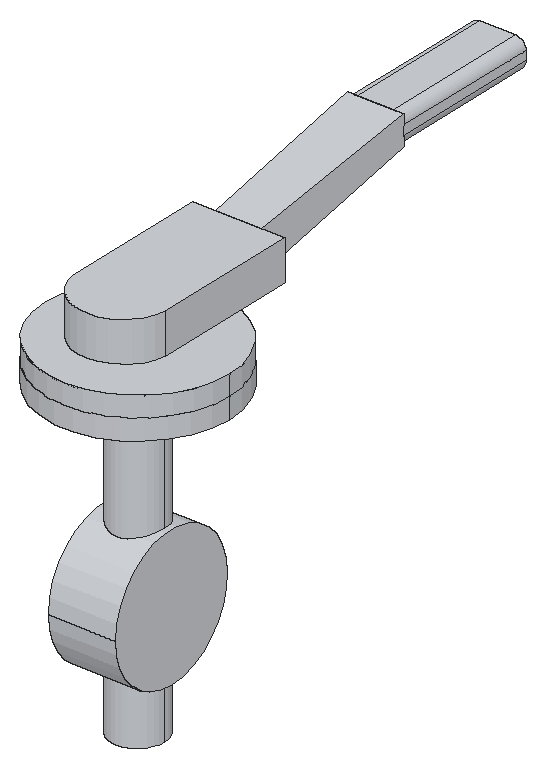
Revit family "HS497-68_disk-nerez_s pákou DN032-RFA_2019", category Pipe Accessories, Revit 2019
Family settings
  Round Connector Dimension = Use Diameter
  Part Type = Valve - Breaks Into
  Work Plane-Based = No
  Always vertical = Yes
  Cut with Voids When Loaded = No
  Shared = No
Parameters (values of type "HS 497-68_DN032_PN16_s pákou")
  magiProductId = "9ad8088d610749a1b871aa2aad8007"
  magiProductFamilyId = "53cea81e6f374d17b8841d9c72ad77"
  magiPartTypeId = 305
  isMeasuringValve [instance] = no
  ang2D [instance] = 0.00°
  X11 = 61.456 mm
  X1 = 25.456 mm
  W2D = 1000 mm
  VersionID = "2.0/2017.9.26.1/ZETKAMA_497_001"
  Use Minimum Symbol Size [instance] = yes
  URL = "http://www.hydronic.cz"
  Type Comments = "mezipřírubová; nerezový disk; PN16; -10~+110°C (krátkodobě +120°C)"
  SW30 = no
  SW3 = no
  SW21 = no
  SW20 = yes
  SW2 = yes
  SW1 = no
  R = 16 mm
  QmdConnectorList = "301;D;302;D"
  Productdata [instance] = ""
  NC = 50 mm
  Manufacturer = "Hydronic Systems Prague s.r.o."
  MM20 = 25.456 mm
  MC Product Code = "121 032 (nerezový disk, s pákou; DN32; PN16, kvs78)"
  M41 = 66 mm
  M4 = 44 mm
  LHL = 220 mm
  LHH3 = 2.45 mm
  LHH1 = 46.55 mm
  LH1 = 73.333 mm
  L4R__ve = -L4R  # -12.8 mm
  L4R = 12.8 mm
  L42__ve = -L42  # -96 mm
  L42 = 96 mm
  L41__ve = -L41  # -19.2 mm
  L41 = 19.2 mm
  L2D_Min = 3048 mm
  L2D = 216 mm
  L2 = 16.5 mm
  L1 = 26.4 mm
  L = 33 mm
  H = 30 mm
  G22 = 11.25 mm
  G2 = 22.5 mm
  G1 = 90 mm
  G = 90 mm
  F = 11 mm
  E44 = 31.25 mm
  E42 = 62.5 mm
  E4 = 125 mm
  E23 = 4.9 mm
  E22 = 19.6 mm
  E21 = 9.8 mm
  Description = "Mezipřírubová uzavírací klapka s pákou; nerezový disk, DN32; PN16; kvs78"
  DR2 = 16 mm
  DR = 68 mm
  DD1 = 15.625 mm
  DD = 12.5 mm
  D = 32 mm
  CAT0 = yes
  B2__ve = -B2  # -44.2 mm
  B2 = 44.2 mm
  A2 = 10.25 mm
  A1 = 76.25 mm
Types (43, lengths in mm): name | magiProductId | X11 | X1 | Type Comments | SW30 | SW3 | SW20 | SW2 | SW1 | R | NC | Manufacturer | MM20 | MC Product Code | M41 | M4 | LHL | LHH3 | LHH1 | LH1 | L4R__ve | L4R | L42__ve | L42 | L41__ve | L41 | L2 | L1 | L | H | G | F | E44 | E42 | E4 | E23 | E22 | E21 | Description | DR2 | DR | DD1 | DD | D | B2__ve | B2 | A2 | A1
  HS 497-68_DN100_PN16_volné vřeteno | "65d1b245f4f142c78569c0602d5754" | 61.456 | 25.456 | "mezipřírubová; nerezový disk; PN16; -10~+110°C (krátkodobě +120°C)" | no | no | no | no | yes | 50 | 50 | "Hydronic Systems Prague s.r.o." | 25.456 | "124 100 (nerezový disk, s volným vřetenem; DN100; PN16, kvs512)" | 66 | 44 | 220 | 2.45 | 46.55 | 73.333 | -12.8 | 12.8 | -96 | 96 | -19.2 | 19.2 | 26 | 41.6 | 52 | 30 | 90 | 11 | 31.25 | 62.5 | 125 | 4.9 | 19.6 | 9.8 | "Mezipřírubová uzavírací klapka s volným vřetenem; nerezový disk, DN100; PN16; kvs512" | 50 | 147 | 15.625 | 12.5 | 100 | -56 | 56 | 16.5 | 98.5
  HS 497-68_DN100_PN16_převodové kolo | "11e91b807e674d428c8e796fcdcfe2" | 61.456 | 25.456 | "mezipřírubová; nerezový disk; PN16; -10~+110°C (krátkodobě +120°C)" | yes | yes | no | no | no | 50 | 50 | "Hydronic Systems Prague s.r.o." | 25.456 | "126 100 (nerezový disk, s převodovým kolem; DN100; PN16, kvs512)" | 65.25 | 43.5 | 220 | 2.45 | 46.55 | 73.333 | -12.8 | 12.8 | -96 | 96 | -19.2 | 19.2 | 26 | 41.6 | 52 | 30 | 90 | 11 | 31.25 | 62.5 | 125 | 4.9 | 19.6 | 9.8 | "Mezipřírubová uzavírací klapka s převodovým kolem; nerezový disk, DN100; PN16; kvs512" | 50 | 147 | 15.625 | 12.5 | 100 | -56 | 56 | 16.5 | 98.5
  HS 497-68_DN100_PN16_s pákou | "28172f0b3f4b47b28323ac71cf8749" | 61.456 | 25.456 | "mezipřírubová; nerezový disk; PN16; -10~+110°C (krátkodobě +120°C)" | no | no | yes | yes | no | 50 | 50 | "Hydronic Systems Prague s.r.o." | 25.456 | "121 100 (nerezový disk, s pákou; DN100; PN16, kvs512)" | 66 | 44 | 260 | 3 | 57 | 86.667 | -12.8 | 12.8 | -96 | 96 | -19.2 | 19.2 | 26 | 41.6 | 52 | 30 | 90 | 11 | 31.25 | 62.5 | 125 | 6 | 24 | 12 | "Mezipřírubová uzavírací klapka s pákou; nerezový disk, DN100; PN16; kvs512" | 50 | 147 | 15.625 | 12.5 | 100 | -56 | 56 | 16.5 | 98.5
  HS 497-68_DN125_PN16_volné vřeteno | "0d813d910fc14f628bb3c2efbd185c" | 61.456 | 25.456 | "mezipřírubová; nerezový disk; PN16; -10~+110°C (krátkodobě +120°C)" | no | no | no | no | yes | 62.5 | 50 | "Hydronic Systems Prague s.r.o." | 25.456 | "124 125 (nerezový disk, s volným vřetenem; DN125; PN16, kvs872)" | 66 | 44 | 220 | 2.45 | 46.55 | 73.333 | -12.8 | 12.8 | -96 | 96 | -19.2 | 19.2 | 28 | 44.8 | 56 | 33 | 90 | 14 | 31.25 | 62.5 | 125 | 4.9 | 19.6 | 9.8 | "Mezipřírubová uzavírací klapka s volným vřetenem; nerezový disk, DN125; PN16; kvs872" | 62.5 | 180 | 15.625 | 12.5 | 125 | -64 | 64 | 18 | 99.5
  HS 497-68_DN125_PN16_převodové kolo | "c56b7c13f372467684996fb1e0e229" | 61.456 | 25.456 | "mezipřírubová; nerezový disk; PN16; -10~+110°C (krátkodobě +120°C)" | yes | yes | no | no | no | 62.5 | 50 | "Hydronic Systems Prague s.r.o." | 25.456 | "126125 (nerezový disk, s převodovým kolem; DN125; PN16, kvs872)" | 65.25 | 43.5 | 220 | 2.45 | 46.55 | 73.333 | -13.5 | 13.5 | -101.25 | 101.25 | -20.25 | 20.25 | 28 | 44.8 | 56 | 33 | 90 | 14 | 40 | 80 | 160 | 4.9 | 19.6 | 9.8 | "Mezipřírubová uzavírací klapka s převodovým kolem; nerezový disk, DN125; PN16; kvs872" | 62.5 | 180 | 20 | 16 | 125 | -64 | 64 | 18 | 99.5
  HS 497-68_DN125_PN16_s pákou | "105993c79a91492399feef7931321a" | 61.456 | 25.456 | "mezipřírubová; nerezový disk; PN16; -10~+110°C (krátkodobě +120°C)" | no | no | yes | yes | no | 62.5 | 50 | "Hydronic Systems Prague s.r.o." | 25.456 | "121 125 (nerezový disk, s pákou; DN125; PN16, kvs872)" | 66 | 44 | 315 | 3.75 | 71.25 | 105 | -12.8 | 12.8 | -96 | 96 | -19.2 | 19.2 | 28 | 44.8 | 56 | 33 | 90 | 14 | 31.25 | 62.5 | 125 | 7.5 | 30 | 15 | "Mezipřírubová uzavírací klapka s pákou; nerezový disk, DN125; PN16; kvs872" | 62.5 | 180 | 15.625 | 12.5 | 125 | -64 | 64 | 18 | 99.5
  HS 497-68_DN150_PN16_volné vřeteno | "50c80cb8ab434f55ab7796e5ac1331" | 61.456 | 25.456 | "mezipřírubová; nerezový disk; PN16; -10~+110°C (krátkodobě +120°C)" | no | no | no | no | yes | 75 | 50 | "Hydronic Systems Prague s.r.o." | 25.456 | "124 150 (nerezový disk, s volným vřetenem; DN150; PN16, kvs1347)" | 66 | 44 | 220 | 2.45 | 46.55 | 73.333 | -12.8 | 12.8 | -96 | 96 | -19.2 | 19.2 | 28 | 44.8 | 56 | 33 | 90 | 14 | 31.25 | 62.5 | 125 | 4.9 | 19.6 | 9.8 | "Mezipřírubová uzavírací klapka s volným vřetenem; nerezový disk, DN150; PN16; kvs1347" | 75 | 206 | 15.625 | 12.5 | 150 | -58 | 58 | 19.3 | 98.7
  HS 497-68_DN150_PN16_převodové kolo | "d94a1a0cf83b476eb10011b327f709" | 61.456 | 25.456 | "mezipřírubová; nerezový disk; PN16; -10~+110°C (krátkodobě +120°C)" | yes | yes | no | no | no | 75 | 50 | "Hydronic Systems Prague s.r.o." | 25.456 | "126 150 (nerezový disk, s převodovým kolem; DN150; PN16, kvs1347)" | 65.25 | 43.5 | 220 | 2.45 | 46.55 | 73.333 | -13.5 | 13.5 | -101.25 | 101.25 | -20.25 | 20.25 | 28 | 44.8 | 56 | 33 | 90 | 14 | 40 | 80 | 160 | 4.9 | 19.6 | 9.8 | "Mezipřírubová uzavírací klapka s převodovým kolem; nerezový disk, DN150; PN16; kvs1347" | 75 | 206 | 20 | 16 | 150 | -58 | 58 | 19.3 | 98.7
  HS 497-68_DN150_PN16_s pákou | "4d2835523fe84828bc50ff0a5a0dfb" | 61.456 | 25.456 | "mezipřírubová; nerezový disk; PN16; -10~+110°C (krátkodobě +120°C)" | no | no | yes | yes | no | 75 | 50 | "Hydronic Systems Prague s.r.o." | 25.456 | "121 150 (nerezový disk, s pákou; DN150; PN16, kvs1347)" | 66 | 44 | 315 | 3.75 | 71.25 | 105 | -12.8 | 12.8 | -96 | 96 | -19.2 | 19.2 | 28 | 44.8 | 56 | 33 | 90 | 14 | 31.25 | 62.5 | 125 | 7.5 | 30 | 15 | "Mezipřírubová uzavírací klapka s pákou; nerezový disk, DN150; PN16; kvs1347" | 75 | 206 | 15.625 | 12.5 | 150 | -58 | 58 | 19.3 | 98.7
  HS 497-68_DN200_PN16_volné vřeteno | "5b29029eaeba47139ee1055a4b9201" | 61.456 | 25.456 | "mezipřírubová; nerezový disk; PN16; -10~+110°C (krátkodobě +120°C)" | no | no | no | no | yes | 100 | 50 | "Hydronic Systems Prague s.r.o." | 25.456 | "124 200 (nerezový disk, s volným vřetenem; DN200; PN16, kvs2675)" | 66 | 44 | 220 | 2.45 | 46.55 | 73.333 | -12.8 | 12.8 | -96 | 96 | -19.2 | 19.2 | 30 | 48 | 60 | 33 | 90 | 17 | 31.25 | 62.5 | 125 | 4.9 | 19.6 | 9.8 | "Mezipřírubová uzavírací klapka s volným vřetenem; nerezový disk, DN200; PN16; kvs2675" | 100 | 257 | 15.625 | 12.5 | 200 | -70 | 70 | 22.5 | 102.5
  HS 497-68_DN200_PN16_převodové kolo | "b2793cc1fcc44cf2a35062cd67c04f" | 61.456 | 25.456 | "mezipřírubová; nerezový disk; PN16; -10~+110°C (krátkodobě +120°C)" | yes | yes | no | no | no | 100 | 57 | "Hydronic Systems Prague s.r.o." | 25.456 | "126 200 (nerezový disk, s převodovým kolem; DN200; PN16, kvs2675)" | 78.75 | 52.5 | 220 | 2.45 | 46.55 | 73.333 | -15.2 | 15.2 | -114 | 114 | -22.8 | 22.8 | 30 | 48 | 60 | 33 | 90 | 17 | 50 | 100 | 200 | 4.9 | 19.6 | 9.8 | "Mezipřírubová uzavírací klapka s převodovým kolem; nerezový disk, DN200; PN16; kvs2675" | 100 | 257 | 25 | 20 | 200 | -70 | 70 | 22.5 | 102.5
  HS 497-68_DN200_PN16_s pákou | "f88d96c7af224537a51e72d7d8fffe" | 61.456 | 25.456 | "mezipřírubová; nerezový disk; PN16; -10~+110°C (krátkodobě +120°C)" | no | no | yes | yes | no | 100 | 50 | "Hydronic Systems Prague s.r.o." | 25.456 | "121 200 (nerezový disk, s pákou; DN200; PN16, kvs2675)" | 66 | 44 | 315 | 3.75 | 71.25 | 105 | -12.8 | 12.8 | -96 | 96 | -19.2 | 19.2 | 30 | 48 | 60 | 33 | 90 | 17 | 31.25 | 62.5 | 125 | 7.5 | 30 | 15 | "Mezipřírubová uzavírací klapka s pákou; nerezový disk, DN200; PN16; kvs2675" | 100 | 257 | 15.625 | 12.5 | 200 | -70 | 70 | 22.5 | 102.5
  HS 497-68_DN250_PN16_volné vřeteno | "b662e8305ca2402b9c510e66e6aa55" | 88.77 | 36.77 | "mezipřírubová; nerezový disk; PN16; -10~+110°C (krátkodobě +120°C)" | no | no | no | no | yes | 125 | 50 | "Hydronic Systems Prague s.r.o." | 36.77 | "124 250 (nerezový disk, s volným vřetenem; DN250; PN16, kvs4555)" | 66 | 44 | 220 | 2.45 | 46.55 | 73.333 | -12.8 | 12.8 | -96 | 96 | -19.2 | 19.2 | 34 | 54.4 | 68 | 23 | 130 | 22 | 31.25 | 62.5 | 125 | 4.9 | 19.6 | 9.8 | "Mezipřírubová uzavírací klapka s volným vřetenem; nerezový disk, DN250; PN16; kvs4555" | 125 | 324 | 15.625 | 12.5 | 250 | -85 | 85 | 28.25 | 129.25
  HS 497-68_DN250_PN16_převodové kolo | "5ee9016806664ddfaa2632711f295c" | 88.77 | 36.77 | "mezipřírubová; nerezový disk; PN16; -10~+110°C (krátkodobě +120°C)" | yes | yes | no | no | no | 125 | 70 | "Hydronic Systems Prague s.r.o." | 36.77 | "126 250 (nerezový disk, s převodovým kolem; DN250; PN16, kvs4555)" | 91.5 | 61 | 220 | 2.45 | 46.55 | 73.333 | -22.2 | 22.2 | -166.5 | 166.5 | -33.3 | 33.3 | 34 | 54.4 | 68 | 23 | 130 | 22 | 62.5 | 125 | 250 | 4.9 | 19.6 | 9.8 | "Mezipřírubová uzavírací klapka s převodovým kolem; nerezový disk, DN250; PN16; kvs4555" | 125 | 324 | 31.25 | 25 | 250 | -85 | 85 | 28.25 | 129.25
  HS 497-68_DN300_PN16_volné vřeteno | "e1886f51ff004380a649519258edf2" | 88.77 | 36.77 | "mezipřírubová; nerezový disk; PN16; -10~+110°C (krátkodobě +120°C)" | no | no | no | no | yes | 150 | 50 | "Hydronic Systems Prague s.r.o." | 36.77 | "124 300 (nerezový disk, s volným vřetenem; DN300; PN16, kvs7037)" | 66 | 44 | 220 | 2.45 | 46.55 | 73.333 | -12.8 | 12.8 | -96 | 96 | -19.2 | 19.2 | 39 | 62.4 | 78 | 23 | 130 | 22 | 31.25 | 62.5 | 125 | 4.9 | 19.6 | 9.8 | "Mezipřírubová uzavírací klapka s volným vřetenem; nerezový disk, DN300; PN16; kvs7037" | 150 | 376 | 15.625 | 12.5 | 300 | -90 | 90 | 30.8 | 127.2
  HS 497-68_DN300_PN16_převodové kolo | "6860f094f77d42088fbebc3c97f755" | 88.77 | 36.77 | "mezipřírubová; nerezový disk; PN16; -10~+110°C (krátkodobě +120°C)" | yes | yes | no | no | no | 150 | 70 | "Hydronic Systems Prague s.r.o." | 36.77 | "126 300 (nerezový disk, s převodovým kolem; DN300; PN16, kvs7037)" | 91.5 | 61 | 220 | 2.45 | 46.55 | 73.333 | -22.2 | 22.2 | -166.5 | 166.5 | -33.3 | 33.3 | 39 | 62.4 | 78 | 23 | 130 | 22 | 62.5 | 125 | 250 | 4.9 | 19.6 | 9.8 | "Mezipřírubová uzavírací klapka s převodovým kolem; nerezový disk, DN300; PN16; kvs7037" | 150 | 376 | 31.25 | 25 | 300 | -90 | 90 | 30.8 | 127.2
  HS 497-68_DN032_PN16_volné vřeteno | "8c5f65de52aa4067a77564107e31b2" | 61.456 | 25.456 | "mezipřírubová; nerezový disk; PN16; -10~+110°C (krátkodobě +120°C)" | no | no | no | no | yes | 16 | 50 | "Hydronic Systems Prague s.r.o." | 25.456 | "124 032 (nerezový disk, s volným vřetenem; DN32; PN16, kvs78)" | 66 | 44 | 220 | 2.45 | 46.55 | 73.333 | -12.8 | 12.8 | -96 | 96 | -19.2 | 19.2 | 16.5 | 26.4 | 33 | 30 | 90 | 11 | 31.25 | 62.5 | 125 | 4.9 | 19.6 | 9.8 | "Mezipřírubová uzavírací klapka s volným vřetenem; nerezový disk, DN32; PN16; kvs78" | 16 | 68 | 15.625 | 12.5 | 32 | -44.2 | 44.2 | 10.25 | 76.25
  HS 497-68_DN032_PN16_převodové kolo | "60aaeffa8b3a4e809ef000e4660060" | 61.456 | 25.456 | "mezipřírubová; nerezový disk; PN16; -10~+110°C (krátkodobě +120°C)" | yes | yes | no | no | no | 16 | 50 | "Hydronic Systems Prague s.r.o." | 25.456 | "126 032 (nerezový disk, s převodovým kolem; DN32; PN16, kvs78)" | 65.25 | 43.5 | 220 | 2.45 | 46.55 | 73.333 | -12.8 | 12.8 | -96 | 96 | -19.2 | 19.2 | 16.5 | 26.4 | 33 | 30 | 90 | 11 | 31.25 | 62.5 | 125 | 4.9 | 19.6 | 9.8 | "Mezipřírubová uzavírací klapka s převodovým kolem; nerezový disk, DN32; PN16; kvs78" | 16 | 68 | 15.625 | 12.5 | 32 | -44.2 | 44.2 | 10.25 | 76.25
  HS 497-68_DN032_PN16_s pákou | "9ad8088d610749a1b871aa2aad8007" | 61.456 | 25.456 | "mezipřírubová; nerezový disk; PN16; -10~+110°C (krátkodobě +120°C)" | no | no | yes | yes | no | 16 | 50 | "Hydronic Systems Prague s.r.o." | 25.456 | "121 032 (nerezový disk, s pákou; DN32; PN16, kvs78)" | 66 | 44 | 220 | 2.45 | 46.55 | 73.333 | -12.8 | 12.8 | -96 | 96 | -19.2 | 19.2 | 16.5 | 26.4 | 33 | 30 | 90 | 11 | 31.25 | 62.5 | 125 | 4.9 | 19.6 | 9.8 | "Mezipřírubová uzavírací klapka s pákou; nerezový disk, DN32; PN16; kvs78" | 16 | 68 | 15.625 | 12.5 | 32 | -44.2 | 44.2 | 10.25 | 76.25
  HS 497-68_DN350_PN10_volné vřeteno | "72a1e05f22944421b7e9596a877137" | 109.255 | 45.255 | "mezipřírubová; nerezový disk; PN10; -10~+110°C (krátkodobě +120°C)" | no | no | no | no | yes | 175 | 50 | "Hydronic Systems Prague s.r.o." | 45.255 | "124 350 (nerezový disk, s volným vřetenem; DN350; PN10, kvs10165)" | 66 | 44 | 220 | 2.45 | 46.55 | 73.333 | -12.8 | 12.8 | -96 | 96 | -19.2 | 19.2 | 39 | 62.4 | 78 | 31 | 160 | 22 | 31.25 | 62.5 | 125 | 4.9 | 19.6 | 9.8 | "Mezipřírubová uzavírací klapka s volným vřetenem; nerezový disk, DN350; PN10; kvs10165" | 175 | 430 | 15.625 | 12.5 | 350 | -88 | 88 | 33.85 | 129.65
  HS 497-68_DN350_PN10_převodové kolo | "a5a01426cb28494ba3afca92f1dace" | 109.255 | 45.255 | "mezipřírubová; nerezový disk; PN10; -10~+110°C (krátkodobě +120°C)" | yes | yes | no | no | no | 175 | 70 | "Hydronic Systems Prague s.r.o." | 45.255 | "126 350 (nerezový disk, s převodovým kolem; DN350; PN10, kvs10165)" | 91.5 | 61 | 220 | 2.45 | 46.55 | 73.333 | -22.2 | 22.2 | -166.5 | 166.5 | -33.3 | 33.3 | 39 | 62.4 | 78 | 31 | 160 | 22 | 62.5 | 125 | 250 | 4.9 | 19.6 | 9.8 | "Mezipřírubová uzavírací klapka s převodovým kolem; nerezový disk, DN350; PN10; kvs10165" | 175 | 430 | 31.25 | 25 | 350 | -88 | 88 | 33.85 | 129.65
  HS 497-68_DN400_PN10_volné vřeteno | "c70ebeb927c04ab99b176e257ad0a7" | 109.255 | 45.255 | "mezipřírubová; nerezový disk; PN10; -10~+110°C (krátkodobě +120°C)" | no | no | no | no | yes | 200 | 50 | "Hydronic Systems Prague s.r.o." | 45.255 | "124 400 (nerezový disk, s volným vřetenem; DN400; PN10, kvs13799)" | 66 | 44 | 220 | 2.45 | 46.55 | 73.333 | -12.8 | 12.8 | -96 | 96 | -19.2 | 19.2 | 51 | 81.6 | 102 | 31 | 160 | 27 | 31.25 | 62.5 | 125 | 4.9 | 19.6 | 9.8 | "Mezipřírubová uzavírací klapka s volným vřetenem; nerezový disk, DN400; PN10; kvs13799" | 200 | 485 | 15.625 | 12.5 | 400 | -108 | 108 | 38 | 142
  HS 497-68_DN400_PN10_převodové kolo | "cc64a4384dcb41b780d81810f4f293" | 109.255 | 45.255 | "mezipřírubová; nerezový disk; PN10; -10~+110°C (krátkodobě +120°C)" | yes | yes | no | no | no | 200 | 72.5 | "Hydronic Systems Prague s.r.o." | 45.255 | "126 400 (nerezový disk, s převodovým kolem; DN400; PN10, kvs13799)" | 103.5 | 69 | 220 | 2.45 | 46.55 | 73.333 | -27.8 | 27.8 | -208.5 | 208.5 | -41.7 | 41.7 | 51 | 81.6 | 102 | 31 | 160 | 27 | 75 | 150 | 300 | 4.9 | 19.6 | 9.8 | "Mezipřírubová uzavírací klapka s převodovým kolem; nerezový disk, DN400; PN10; kvs13799" | 200 | 485 | 37.5 | 30 | 400 | -108 | 108 | 38 | 142
  HS 497-68_DN040_PN16_volné vřeteno | "35f92312390745e88df5b5c325d9ee" | 61.456 | 25.456 | "mezipřírubová; nerezový disk; PN16; -10~+110°C (krátkodobě +120°C)" | no | no | no | no | yes | 20 | 50 | "Hydronic Systems Prague s.r.o." | 25.456 | "124 040 (nerezový disk, s volným vřetenem; DN40; PN16, kvs78)" | 66 | 44 | 220 | 2.45 | 46.55 | 73.333 | -12.8 | 12.8 | -96 | 96 | -19.2 | 19.2 | 16.5 | 26.4 | 33 | 30 | 90 | 11 | 31.25 | 62.5 | 125 | 4.9 | 19.6 | 9.8 | "Mezipřírubová uzavírací klapka s volným vřetenem; nerezový disk, DN40; PN16; kvs78" | 20 | 76 | 15.625 | 12.5 | 40 | -36 | 36 | 11 | 79
  HS 497-68_DN040_PN16_převodové kolo | "d88e968eae3445bc9b7b4e6ff35127" | 61.456 | 25.456 | "mezipřírubová; nerezový disk; PN16; -10~+110°C (krátkodobě +120°C)" | yes | yes | no | no | no | 20 | 50 | "Hydronic Systems Prague s.r.o." | 25.456 | "126 040 (nerezový disk, s převodovým kolem; DN40; PN16, kvs78)" | 65.25 | 43.5 | 220 | 2.45 | 46.55 | 73.333 | -12.8 | 12.8 | -96 | 96 | -19.2 | 19.2 | 16.5 | 26.4 | 33 | 30 | 90 | 11 | 31.25 | 62.5 | 125 | 4.9 | 19.6 | 9.8 | "Mezipřírubová uzavírací klapka s převodovým kolem; nerezový disk, DN40; PN16; kvs78" | 20 | 76 | 15.625 | 12.5 | 40 | -36 | 36 | 11 | 79
  HS 497-68_DN040_PN16_s pákou | "c1b522ca65b4407a98818f232eaacb" | 61.456 | 25.456 | "mezipřírubová; nerezový disk; PN16; -10~+110°C (krátkodobě +120°C)" | no | no | yes | yes | no | 20 | 50 | "Hydronic Systems Prague s.r.o." | 25.456 | "121 040 (nerezový disk, s pákou; DN40; PN16, kvs78)" | 66 | 44 | 220 | 2.45 | 46.55 | 73.333 | -12.8 | 12.8 | -96 | 96 | -19.2 | 19.2 | 16.5 | 26.4 | 33 | 30 | 90 | 11 | 31.25 | 62.5 | 125 | 4.9 | 19.6 | 9.8 | "Mezipřírubová uzavírací klapka s pákou; nerezový disk, DN40; PN16; kvs78" | 20 | 76 | 15.625 | 12.5 | 40 | -36 | 36 | 11 | 79
  HS 497-68_DN450_PN10_volné vřeteno | "a8358bc282f14872b3194e530e590a" | 129.74 | 53.74 | "mezipřírubová; nerezový disk; PN10; -10~+110°C (krátkodobě +120°C)" | no | no | no | no | yes | 225 | 50 | "Hydronic Systems Prague s.r.o." | 53.74 | "124 450 (nerezový disk, s volným vřetenem; DN450; PN10, kvs18514)" | 66 | 44 | 220 | 2.45 | 46.55 | 73.333 | -12.8 | 12.8 | -96 | 96 | -19.2 | 19.2 | 57 | 91.2 | 114 | 38 | 190 | 36 | 31.25 | 62.5 | 125 | 4.9 | 19.6 | 9.8 | "Mezipřírubová uzavírací klapka s volným vřetenem; nerezový, DN450; PN10; kvs18514" | 225 | 536 | 15.625 | 12.5 | 450 | -115 | 115 | 38.05 | 117.45
  HS 497-68_DN450_PN10_převodové kolo | "cdf2d80f54a9414f9cbe50647c0ebd" | 129.74 | 53.74 | "mezipřírubová; nerezový disk; PN10; -10~+110°C (krátkodobě +120°C)" | yes | yes | no | no | no | 225 | 91.5 | "Zetkama" | 53.74 | "126 450 (nerezový disk, s převodovým kolem; DN450; PN10, kvs18514)" | 144.75 | 96.5 | 220 | 2.45 | 46.55 | 73.333 | -32.1 | 32.1 | -240.75 | 240.75 | -48.15 | 48.15 | 57 | 91.2 | 114 | 38 | 190 | 36 | 100 | 200 | 400 | 4.9 | 19.6 | 9.8 | "Mezipřírubová uzavírací klapka s převodovým kolem; nerezový disk, DN450; PN10; kvs18514" | 225 | 536 | 50 | 40 | 450 | -115 | 115 | 38.05 | 117.45
  HS 497-68_DN500_PN10_volné vřeteno | "8c396e27bb2743f98f3c762b6517cd" | 143.397 | 59.397 | "mezipřírubová; nerezový disk; PN10; -10~+110°C (krátkodobě +120°C)" | no | no | no | no | yes | 250 | 50 | "Hydronic Systems Prague s.r.o." | 59.397 | "124 500 (nerezový disk, s volným vřetenem; DN500; PN10, kvs23805)" | 66 | 44 | 220 | 2.45 | 46.55 | 73.333 | -12.8 | 12.8 | -96 | 96 | -19.2 | 19.2 | 63.5 | 101.6 | 127 | 38 | 210 | 36 | 31.25 | 62.5 | 125 | 4.9 | 19.6 | 9.8 | "Mezipřírubová uzavírací klapka s volným vřetenem; nerezový disk, DN500; PN10; kvs23805" | 250 | 593 | 15.625 | 12.5 | 500 | -130 | 130 | 43.25 | 139.25
  HS 497-68_DN500_PN10_převodové kolo | "7647804f32e94cef828a7034a91a46" | 143.397 | 59.397 | "mezipřírubová; nerezový disk; PN10; -10~+110°C (krátkodobě +120°C)" | yes | yes | no | no | no | 250 | 91.5 | "Zetkama" | 59.397 | "126 500 (nerezový disk, s převodovým kolem; DN500; PN10, kvs23805)" | 144.75 | 96.5 | 220 | 2.45 | 46.55 | 73.333 | -32.1 | 32.1 | -240.75 | 240.75 | -48.15 | 48.15 | 63.5 | 101.6 | 127 | 38 | 210 | 36 | 100 | 200 | 400 | 4.9 | 19.6 | 9.8 | "Mezipřírubová uzavírací klapka s převodovým kolem; nerezový disk, DN500; PN10; kvs23805" | 250 | 593 | 50 | 40 | 500 | -130 | 130 | 43.25 | 139.25
  HS 497-68_DN050_volné vřeteno | "d71f296ecd6d4adf8f6e5d9853b4e0" | 61.456 | 25.456 | "mezipřírubová; nerezový disk; PN16; -10~+110°C (krátkodobě +120°C)" | no | no | no | no | yes | 25 | 50 | "Hydronic Systems Prague s.r.o." | 25.456 | "124 050 (nerezový disk, s volným vřetenem; DN50; PN16, kvs98)" | 66 | 44 | 220 | 2.45 | 46.55 | 73.333 | -12.8 | 12.8 | -96 | 96 | -19.2 | 19.2 | 21.5 | 34.4 | 43 | 30 | 90 | 11 | 31.25 | 62.5 | 125 | 4.9 | 19.6 | 9.8 | "Mezipřírubová uzavírací klapka s volným vřetenem; nerezový disk, DN50; PN16; kvs98" | 25 | 100 | 15.625 | 12.5 | 50 | -36.5 | 36.5 | 12 | 83
  HS 497-68_DN050_PN16_převodové kolo | "2fb080deeaed49c58418b94c1da5a4" | 61.456 | 25.456 | "mezipřírubová; nerezový disk; PN16; -10~+110°C (krátkodobě +120°C)" | yes | yes | no | no | no | 25 | 50 | "Hydronic Systems Prague s.r.o." | 25.456 | "126 050 (nerezový disk, s převodovým kolem; DN50; PN16, kvs98)" | 65.25 | 43.5 | 220 | 2.45 | 46.55 | 73.333 | -12.8 | 12.8 | -96 | 96 | -19.2 | 19.2 | 21.5 | 34.4 | 43 | 30 | 90 | 11 | 31.25 | 62.5 | 125 | 4.9 | 19.6 | 9.8 | "Mezipřírubová uzavírací klapka s převodovým kolem; nerezový disk, DN50; PN16; kvs98" | 25 | 100 | 15.625 | 12.5 | 50 | -36.5 | 36.5 | 12 | 83
  HS 497-68_DN050_PN16_s pákou | "dabc632061f94877a994b9b4e68112" | 61.456 | 25.456 | "mezipřírubová; nerezový disk; PN16; -10~+110°C (krátkodobě +120°C)" | no | no | yes | yes | no | 25 | 50 | "Hydronic Systems Prague s.r.o." | 25.456 | "121 050 (nerezový disk, s pákou; DN50; PN16, kvs98)" | 66 | 44 | 220 | 2.45 | 46.55 | 73.333 | -12.8 | 12.8 | -96 | 96 | -19.2 | 19.2 | 21.5 | 34.4 | 43 | 30 | 90 | 11 | 31.25 | 62.5 | 125 | 4.9 | 19.6 | 9.8 | "Mezipřírubová uzavírací klapka s pákou; nerezový disk, DN50; PN16; kvs98" | 25 | 100 | 15.625 | 12.5 | 50 | -36.5 | 36.5 | 12 | 83
  HS 497-68_DN600_PN10_volné vřeteno | "99d5892c14664fce81a7c5903f7711" | 143.397 | 59.397 | "mezipřírubová; nerezový disk; PN10; -10~+110°C (krátkodobě +120°C)" | no | no | no | no | yes | 300 | 50 | "Hydronic Systems Prague s.r.o." | 59.397 | "124 600 (nerezový disk, s volným vřetenem; DN600; PN10, kvs36778)" | 66 | 44 | 220 | 2.45 | 46.55 | 73.333 | -12.8 | 12.8 | -96 | 96 | -19.2 | 19.2 | 77 | 123.2 | 154 | 80 | 210 | 60 | 31.25 | 62.5 | 125 | 4.9 | 19.6 | 9.8 | "Mezipřírubová uzavírací klapka s volným vřetenem; nerezový disk, DN600; PN10; kvs36788" | 300 | 690 | 15.625 | 12.5 | 600 | -140 | 140 | 49.4 | 144.6
  HS 497-68_DN600_PN10_převodové kolo | "b1e26faab48a4c499f6bb11e7e3002" | 143.397 | 59.397 | "mezipřírubová; lnerezový disk; PN10; -10~+110°C (krátkodobě +120°C)" | yes | yes | no | no | no | 300 | 140 | "Hydronic Systems Prague s.r.o." | 59.397 | "126 600 (nerezový disk, s převodovým kolem; DN600; PN10, kvs36778)" | 206.25 | 137.5 | 220 | 2.45 | 46.55 | 73.333 | -40.8 | 40.8 | -306 | 306 | -61.2 | 61.2 | 77 | 123.2 | 154 | 80 | 210 | 60 | 125 | 250 | 500 | 4.9 | 19.6 | 9.8 | "Mezipřírubová uzavírací klapka s převodovým kolem; nerezový disk, DN600; PN10; kvs36788" | 300 | 690 | 62.5 | 50 | 600 | -140 | 140 | 49.4 | 144.6
  HS 497-68_DN065_PN16_volné vřeteno | "5e5e208646e34ec29f889baab5d08e" | 61.456 | 25.456 | "mezipřírubová; lnerezový disk; PN16; -10~+110°C (krátkodobě +120°C)" | no | no | no | no | yes | 32.5 | 50 | "Hydronic Systems Prague s.r.o." | 25.456 | "124 065 (nerezový disk, s volným vřetenem; DN65; PN16, kvs167)" | 66 | 44 | 220 | 2.45 | 46.55 | 73.333 | -12.8 | 12.8 | -96 | 96 | -19.2 | 19.2 | 23 | 36.8 | 46 | 30 | 90 | 11 | 31.25 | 62.5 | 125 | 4.9 | 19.6 | 9.8 | "Mezipřírubová uzavírací klapka s volným vřetenem; nerezový disk, DN65; PN16; kv167" | 32.5 | 108 | 15.625 | 12.5 | 65 | -36.5 | 36.5 | 13.5 | 89
  HS 497-68_DN065_PN16_převodové kolo | "654d74c8d15540b0bfe523d988ccb3" | 61.456 | 25.456 | "mezipřírubová; nerezový disk; PN16; -10~+110°C (krátkodobě +120°C)" | yes | yes | no | no | no | 32.5 | 50 | "Hydronic Systems Prague s.r.o." | 25.456 | "126 065 (nerezový disk, s převodovým kolem; DN65; PN16, kvs167)" | 65.25 | 43.5 | 220 | 2.45 | 46.55 | 73.333 | -12.8 | 12.8 | -96 | 96 | -19.2 | 19.2 | 23 | 36.8 | 46 | 30 | 90 | 11 | 31.25 | 62.5 | 125 | 4.9 | 19.6 | 9.8 | "Mezipřírubová uzavírací klapka s převodovým kolem; nerezový disk, DN65; PN16; kvs167" | 32.5 | 108 | 15.625 | 12.5 | 65 | -36.5 | 36.5 | 13.5 | 89
  HS 497-68_DN065_PN16_s pákou | "ebeb4b59db0641caaf6d6635ab37b9" | 61.456 | 25.456 | "mezipřírubová; nerezový disk; PN16; -10~+110°C (krátkodobě +120°C)" | no | no | yes | yes | no | 32.5 | 50 | "Hydronic Systems Prague s.r.o." | 25.456 | "121 065 (nerezový disk, s pákou; DN65; PN16, kvs167)" | 66 | 44 | 220 | 2.45 | 46.55 | 73.333 | -12.8 | 12.8 | -96 | 96 | -19.2 | 19.2 | 23 | 36.8 | 46 | 30 | 90 | 11 | 31.25 | 62.5 | 125 | 4.9 | 19.6 | 9.8 | "Mezipřírubová uzavírací klapka s pákou; nerezový disk, DN65; PN16; kvs167" | 32.5 | 108 | 15.625 | 12.5 | 65 | -36.5 | 36.5 | 13.5 | 89
  HS 497-68_DN080_PN16_volné vřeteno | "9e85c75c18654e1185a9c48ed6b00e" | 61.456 | 25.456 | "mezipřírubová; nerezový disk; PN16; -10~+110°C (krátkodobě +120°C)" | no | no | no | no | yes | 40 | 50 | "Hydronic Systems Prague s.r.o." | 25.456 | "124 080 (nerezový disk, s volným vřetenem; DN80; PN16, kvs258)" | 66 | 44 | 220 | 2.45 | 46.55 | 73.333 | -12.8 | 12.8 | -96 | 96 | -19.2 | 19.2 | 23 | 36.8 | 46 | 30 | 90 | 11 | 31.25 | 62.5 | 125 | 4.9 | 19.6 | 9.8 | "Mezipřírubová uzavírací klapka s volným vřetenem; nerezový disk, DN80; PN16; kvs258" | 40 | 124 | 15.625 | 12.5 | 80 | -54 | 54 | 14.1 | 86.9
  HS 497-68_DN080_PN16_převodové kolo | "5b3c8238c3d041e68c75b199e7ea46" | 61.456 | 25.456 | "mezipřírubová; nerezový disk; PN16; -10~+110°C (krátkodobě +120°C)" | yes | yes | no | no | no | 40 | 50 | "Hydronic Systems Prague s.r.o." | 25.456 | "126 080 (nerezový disk, s převodovým kolem; DN80; PN16, kvs258)" | 65.25 | 43.5 | 220 | 2.45 | 46.55 | 73.333 | -12.8 | 12.8 | -96 | 96 | -19.2 | 19.2 | 23 | 36.8 | 46 | 30 | 90 | 11 | 31.25 | 62.5 | 125 | 4.9 | 19.6 | 9.8 | "Mezipřírubová uzavírací klapka s převodovým kolem; nerezový disk, DN80; PN16; kvs258" | 40 | 124 | 15.625 | 12.5 | 80 | -54 | 54 | 14.1 | 86.9
  HS 497-68_DN080_PN16_s pákou | "e414795fab0f4eccb99bc3572c5477" | 61.456 | 25.456 | "mezipřírubová; nerezový disk; PN16; -10~+110°C (krátkodobě +120°C)" | no | no | yes | yes | no | 40 | 50 | "Hydronic Systems Prague s.r.o." | 25.456 | "121 080 (nerezový disk, s pákou; DN80; PN16, kvs258)" | 66 | 44 | 260 | 3 | 57 | 86.667 | -12.8 | 12.8 | -96 | 96 | -19.2 | 19.2 | 23 | 36.8 | 46 | 30 | 90 | 11 | 31.25 | 62.5 | 125 | 6 | 24 | 12 | "Mezipřírubová uzavírací klapka s pákou; nerezový disk, DN80; PN16; kvs258" | 40 | 124 | 15.625 | 12.5 | 80 | -54 | 54 | 14.1 | 86.9
  HS 497-68_DN250_PN16_s pákou | "" | 88.77 | 36.77 | "mezipřírubová; nerezový disk; PN16; -10~+110°C (krátkodobě +120°C)" | no | no | yes | yes | no | 125 | 70 | "Hydronic Systems Prague s.r.o." | 36.77 | "121 250 (nerezový disk, s ákou; DN250; PN16, kvs4555)" | 91.5 | 61 | 220 | 2.45 | 46.55 | 73.333 | -22.2 | 22.2 | -166.5 | 166.5 | -33.3 | 33.3 | 34 | 54.4 | 68 | 23 | 130 | 22 | 62.5 | 125 | 250 | 4.9 | 19.6 | 9.8 | "Mezipřírubová uzavírací klapka s pákou; nerezový disk, DN250; PN16; kvs4555" | 125 | 324 | 31.25 | 25 | 250 | -85 | 85 | 28.25 | 129.25
  HS 497-68_DN300_PN16_s pákou | "" | 88.77 | 36.77 | "mezipřírubová; nerezový disk; PN16; -10~+110°C (krátkodobě +120°C)" | no | no | yes | yes | no | 150 | 70 | "Hydronic Systems Prague s.r.o." | 36.77 | "121 300 (nerezový disk, s pákou; DN300; PN16, kvs7037)" | 91.5 | 61 | 220 | 2.45 | 46.55 | 73.333 | -22.2 | 22.2 | -166.5 | 166.5 | -33.3 | 33.3 | 39 | 62.4 | 78 | 23 | 130 | 22 | 62.5 | 125 | 250 | 4.9 | 19.6 | 9.8 | "Mezipřírubová uzavírací klapka s pákou; nerezový disk, DN300; PN16; kvs7037" | 150 | 376 | 31.25 | 25 | 300 | -90 | 90 | 30.8 | 127.2
Reference planes
  plane 1 "Center (Front/Back)": y = 0
  plane 2 "XYPLANE": z = 0
  plane 3 "Center (Left/Right)": x = 0
  plane 4 "473": x = -25.456
  plane 5 "472": x = -66
  plane 6 "471": y = -25.456
  plane 7 "470": y = 25.456
  plane 8 "469": x = -44
  plane 9 "468": y = -115.2
  plane 10 "467": y = -96
  plane 11 "466": z = 133.75
  plane 12 "465": z = 149.05
  plane 13 "464": y = 145.417
  plane 14 "463": z = 139.25
  plane 15 "462": z = 122.1
  plane 16 "461": z = 131.9
  plane 17 "460": y = 72.083
  plane 18 "459": x = -11.25
  plane 19 "458": x = 11.25
  plane 20 "457": y = -6.25
  plane 21 "456": x = -17.5
  plane 22 "455": x = 17.5
  plane 23 "454": z = 136.8
  plane 24 "453": y = 62.083
  plane 25 "452": y = -11.25
  plane 26 "451": x = -22.5
  plane 27 "450": x = 22.5
  plane 28 "449": z = 117.2
  plane 29 "448": z = 112.3
  plane 30 "447": z = -16
  plane 31 "446": z = 102.5
  plane 32 "445": z = 92.25
  plane 33 "444": z = 16
  plane 34 "443": x = 16.5
  plane 35 "442": x = -16.5
  plane 36 "441": z = 0
  plane 37 "440": y = 0
  plane 38 "439": x = 0
  plane 39 "438": z = 151.5
  plane 40 "437": z = 136.8
  plane 41 "436": x = 13.7
  plane 42 "435": x = -13.7
  plane 43 "434": y = 220
Forms (mm)
  Extrusion 1, solid, visible <- "SW3"
    sketch origin (-750, 0, 102.5) x (1, 0, 0) y (0, 1, 0)
      loop
        line (684, 25.456) -> (684, -25.456) -> (724.544, -25.456)
        arc (724.544, -25.456) -> (786, 0) -> (724.544, 25.456) r 36
        line (724.544, 25.456) -> (684, 25.456)
    from 0 to 62.5 <- "E42"
  Extrusion 2, solid, visible <- "SW30"
    sketch origin (0, -750, 0) x (0, 1, 0) y (0, 0, 1)
      loop
        circle (750, 133.75) r 7.813
    from 0 to 50 <- "NC"
  Extrusion 3, solid, visible <- "SW30"
    sketch origin (750, -115.2, 0) x (-1, 0, 0) y (0, 0, 1)
      loop
        circle (794, 133.75) r 62.5
    from 0 to -12.8 <- "L4R__ve"
  Extrusion 4, solid, visible <- "SW3"
    sketch origin (750, -96, 0) x (-1, 0, 0) y (0, 0, 1)
      loop
        circle (794, 133.75) r 7.813
    from 0 to -19.2 <- "L41__ve"
  Extrusion 5, solid, visible <- "SW30"
    sketch origin (750, 0, 0) x (-1, 0, 0) y (0, 0, 1)
      loop
        circle (794, 133.75) r 6.25
    from 0 to -96 <- "L42__ve"
  Blend 6, solid, visible <- "SW21"
    base sketch origin (750, 72.083, 0) x (-1, 0, 0) y (0, 0, 1)
      loop
        line (761.25, 131.9) -> (738.75, 131.9) -> (738.75, 122.1) -> (761.25, 122.1) -> (761.25, 131.9)
    top sketch origin (750, 72.083, 0) x (-1, 0, 0) y (0, 0, 1)
      loop
        line (761.25, 149.05) -> (738.75, 149.05) -> (738.75, 139.25) -> (761.25, 139.25) -> (761.25, 149.05)
    from 0 to 73.333
  Blend 7, solid, visible <- "SW21"
    base sketch origin (750, 62.083, 0) x (-1, 0, 0) y (0, 0, 1)
      loop
        line (761.25, 136.8) -> (738.75, 136.8) -> (738.75, 117.2) -> (761.25, 117.2) -> (761.25, 136.8)
    top sketch origin (750, 62.083, 0) x (-1, 0, 0) y (0, 0, 1)
      loop
        line (761.25, 131.9) -> (738.75, 131.9) -> (738.75, 122.1) -> (761.25, 122.1) -> (761.25, 131.9)
    from 0 to 10
  Blend 8, solid, visible <- "SW21"
    base sketch origin (-750, 0, 117.2) x (1, 0, 0) y (0, 1, 0)
      loop
        line (772.5, 62.083) -> (727.5, 62.083) -> (727.5, -11.25)
        arc (727.5, -11.25) -> (750, -31.25) -> (772.5, -11.25) r 22.656
        line (772.5, -11.25) -> (772.5, 62.083)
    top sketch origin (-750, 0, 117.2) x (1, 0, 0) y (0, 1, 0)
      loop
        line (767.5, 62.083) -> (732.5, 62.083) -> (732.5, -6.25)
        arc (732.5, -6.25) -> (750, -26.25) -> (767.5, -6.25) r 17.656
        line (767.5, -6.25) -> (767.5, 62.083)
    from 0 to 19.6
  Extrusion 9, solid, visible <- "SW2"
    sketch origin (-750, 0, 112.3) x (1, 0, 0) y (0, 1, 0)
      loop
        circle (750, 0) r 11.25
    from 0 to 4.9 <- "E23"
  Extrusion 10, solid, visible <- "SW2"
    sketch origin (-750, 0, 102.5) x (1, 0, 0) y (0, 1, 0)
      loop
        circle (750, 0) r 45
    from 0 to 9.8 <- "E21"
  Extrusion 11, solid, visible <- "CAT0"
    sketch origin (-750, 0, -16) x (1, 0, 0) y (0, 1, 0)
      loop
        circle (750, 0) r 13.2
    from 0 to -44.2 <- "B2__ve"
  Extrusion 12, solid, visible <- "CAT0"
    sketch origin (-750, 0, 92.25) x (1, 0, 0) y (0, 1, 0)
      loop
        circle (750, 0) r 45
    from 0 to 10.25 <- "A2"
  Extrusion 13, solid, visible <- "CAT0"
    sketch origin (-750, 0, 16) x (1, 0, 0) y (0, 1, 0)
      loop
        circle (750, 0) r 13.2
    from 0 to 76.25 <- "A1"
  Extrusion 14, solid, visible <- "CAT0"
    sketch origin (-16.5, -750, 0) x (0, 1, 0) y (0, 0, 1)
      loop
        circle (750, 0) r 34
    from 0 to 33 <- "L"
  Extrusion 15, solid, visible <- "SW1"
    sketch origin (-750, 0, 102.5) x (1, 0, 0) y (0, 1, 0)
      loop
        line (755.5, 5.5) -> (744.5, 5.5) -> (744.5, -5.5) -> (755.5, -5.5) -> (755.5, 5.5)
    from 0 to 30 <- "H"
  Blend 16, solid, visible <- "SW2"
    base sketch origin (750, 145.417, 0) x (-1, 0, 0) y (0, 0, 1)
      loop
        arc (763.7, 146.5) -> (762.236, 150.036) -> (758.7, 151.5) r 5
        line (758.7, 151.5) -> (741.3, 151.5)
        arc (741.3, 151.5) -> (737.764, 150.036) -> (736.3, 146.5) r 5
        line (736.3, 146.5) -> (736.3, 141.8)
        arc (736.3, 141.8) -> (737.764, 138.264) -> (741.3, 136.8) r 5
        line (741.3, 136.8) -> (758.7, 136.8)
        arc (758.7, 136.8) -> (762.236, 138.264) -> (763.7, 141.8) r 5
        line (763.7, 141.8) -> (763.7, 146.5)
    top sketch origin (750, 145.417, 0) x (-1, 0, 0) y (0, 0, 1)
      loop
        arc (763.7, 146.5) -> (762.236, 150.036) -> (758.7, 151.5) r 5
        line (758.7, 151.5) -> (741.3, 151.5)
        arc (741.3, 151.5) -> (737.764, 150.036) -> (736.3, 146.5) r 5
        line (736.3, 146.5) -> (736.3, 141.8)
        arc (736.3, 141.8) -> (737.764, 138.264) -> (741.3, 136.8) r 5
        line (741.3, 136.8) -> (758.7, 136.8)
        arc (758.7, 136.8) -> (762.236, 138.264) -> (763.7, 141.8) r 5
        line (763.7, 141.8) -> (763.7, 146.5)
    from 0 to 74.583
  Blend 17, solid, visible <- "SW20"
    base sketch origin (750, 145.417, 0) x (-1, 0, 0) y (0, 0, 1)
      loop
        line (763.7, 151.5) -> (736.3, 151.5) -> (736.3, 136.8) -> (763.7, 136.8) -> (763.7, 151.5)
    top sketch origin (750, 145.417, 0) x (-1, 0, 0) y (0, 0, 1)
      loop
        line (761.25, 136.8) -> (738.75, 136.8) -> (738.75, 117.2) -> (761.25, 117.2) -> (761.25, 136.8)
    from 0 to -83.333
  Extrusion 18, solid, visible <- "SW20"
    sketch origin (-750, 0, 117.2) x (1, 0, 0) y (0, 1, 0)
      loop
        line (772.5, 62.083) -> (727.5, 62.083) -> (727.5, -11.25)
        arc (727.5, -11.25) -> (750, -31.25) -> (772.5, -11.25) r 22.656
        line (772.5, -11.25) -> (772.5, 62.083)
    from 0 to 19.6 <- "E22"
  Extrusion 19, solid, not visible
    sketch origin (-16.5, -750, 0) x (0, 1, 0) y (0, 0, 1)
      loop
        circle (750, 0) r 10
    from 0 to 10
  Extrusion 20, solid, not visible
    sketch origin (16.5, -750, 0) x (0, 1, 0) y (0, 0, 1)
      loop
        circle (750, 0) r 10
    from 0 to -10
Lines and regions (mm)
  reference lines, not visible
    curve 1: circle (2, 2, 0) r 1 normal (0, 0, 1)
  reference lines
    curve 2: line (-25.456, -25.456, 102.5) -> (-25.456, 25.456, 102.5)
    curve 3: line (-17.5, -6.25, 117.2) -> (17.5, -6.25, 117.2)
    curve 4: line (-22.5, -11.25, 117.2) -> (22.5, -11.25, 117.2)
    curve 5: circle (0, 0, 102.5) r 1 normal (0, 0, 1)
    curve 6: line (-22.5, -11.25, 117.2) -> (22.5, -11.25, 117.2)
Dimensions and locks
  plane 1 "Center (Front/Back)" to curve 1 = 2 mm
  "X1": plane 3 "Center (Left/Right)" to plane 4 "473"
  "M41": plane 3 "Center (Left/Right)" to plane 5 "472"
  "MM20": plane 1 "Center (Front/Back)" to plane 6 "471"
  "MM20": plane 1 "Center (Front/Back)" to plane 7 "470"
  "M4": plane 3 "Center (Left/Right)" to plane 8 "469"
  "L41": plane 10 "467" to plane 9 "468"
  "L42": plane 1 "Center (Front/Back)" to plane 10 "467"
  "E44": plane 31 "446" to plane 11 "466"
  "LHH1": plane 31 "446" to plane 12 "465"
  "LH1": plane 17 "460" to plane 13 "464"
  "E21": plane 12 "465" to plane 14 "463"
  "E21": plane 16 "461" to plane 15 "462"
  "E23": plane 23 "454" to plane 16 "461"
  locked: plane 24 "453" to plane 17 "460" at 10
  "G22": plane 3 "Center (Left/Right)" to plane 18 "459"
  "G22": plane 3 "Center (Left/Right)" to plane 19 "458"
  locked: plane 25 "452" to plane 20 "457" at 5
  locked: plane 26 "451" to plane 21 "456" at 5
  locked: plane 27 "450" to plane 22 "455" at 5
  "E22": plane 28 "449" to plane 23 "454"
  "LH1": plane 25 "452" to plane 24 "453"
  "G22": plane 1 "Center (Front/Back)" to plane 25 "452"
  "G2": plane 3 "Center (Left/Right)" to plane 26 "451"
  "G2": plane 3 "Center (Left/Right)" to plane 27 "450"
  "E23": plane 29 "448" to plane 28 "449"
  "E21": plane 31 "446" to plane 29 "448"
  "R": plane 2 "XYPLANE" to plane 30 "447"
  "A2": plane 32 "445" to plane 31 "446"
  "A1": plane 33 "444" to plane 32 "445"
  "DR2": plane 2 "XYPLANE" to plane 33 "444"
  "L2": plane 3 "Center (Left/Right)" to plane 34 "443"
  "L2": plane 3 "Center (Left/Right)" to plane 35 "442"
  locked: plane 2 "XYPLANE" to plane 36 "441"
  locked: plane 1 "Center (Front/Back)" to plane 37 "440"
  locked: plane 3 "Center (Left/Right)" to plane 38 "439"
  "LHH3": plane 12 "465" to plane 39 "438"
  "LHH3": plane 14 "463" to plane 40 "437"
  "LHH3": plane 19 "458" to plane 41 "436"
  "LHH3": plane 18 "459" to plane 42 "435"
  "LHL": plane 1 "Center (Front/Back)" to plane 43 "434"
  "X11": curve 2 to Extrusion 1 sketch curve
  Extrusion 1 sketch curve to Extrusion 1 sketch curve = 0 mm  (x8)
  Blend 6 sketch curve to Blend 6 sketch curve = 0 mm  (x16)
  Blend 7 sketch curve to Blend 7 sketch curve = 0 mm  (x16)
  Blend 8 sketch curve to Blend 8 sketch curve = 0 mm  (x16)
  equal spacing: Extrusion 15 sketch curve, curve 5, Extrusion 15 sketch curve  (x2)
  "F": Extrusion 15 sketch curve to Extrusion 15 sketch curve  (x2)
  Blend 16 sketch curve to Blend 16 sketch curve = 0 mm  (x32)
  Blend 17 sketch curve to Blend 17 sketch curve = 0 mm  (x16)
  Extrusion 18 sketch curve to Extrusion 18 sketch curve = 0 mm  (x8)
  "DD1": diameter of Extrusion 2 sketch curve
  "E4": diameter of Extrusion 3 sketch curve
  "DD1": diameter of Extrusion 4 sketch curve
  "DD": diameter of Extrusion 5 sketch curve
  "G2": diameter of Extrusion 9 sketch curve
  "G1": diameter of Extrusion 10 sketch curve
  "L1": diameter of Extrusion 11 sketch curve
  "G": diameter of Extrusion 12 sketch curve
  "L1": diameter of Extrusion 13 sketch curve
  "DR": diameter of Extrusion 14 sketch curve
  radius of Blend 16 sketch curve = 5 mm  (x8)
  aligned and locked: level to plane 2 "XYPLANE"
  aligned and locked: Extrusion 1 sketch curve to plane 5 "472"
  aligned and locked: plane 7 "470" to Extrusion 1 sketch curve
  aligned and locked: plane 6 "471" to Extrusion 1 sketch curve
  aligned and locked: plane 5 "472" to Extrusion 1 sketch curve
  aligned and locked: plane 4 "473" to Extrusion 1 sketch curve  (x2)
  aligned and locked: plane 4 "473" to curve 2
  aligned and locked: plane 6 "471" to curve 2
  aligned and locked: plane 7 "470" to curve 2
  aligned and locked: Extrusion 1 sketch curve to plane 7 "470"
  aligned and locked: plane 11 "466" to Extrusion 2 sketch curve
  aligned and locked: plane 37 "440" to Extrusion 2 sketch curve
  aligned and locked: plane 8 "469" to Extrusion 3 sketch curve
  aligned and locked: plane 11 "466" to Extrusion 3 sketch curve
  aligned and locked: plane 8 "469" to Extrusion 4 sketch curve
  aligned and locked: plane 11 "466" to Extrusion 4 sketch curve
  aligned and locked: plane 8 "469" to Extrusion 5 sketch curve
  aligned and locked: plane 11 "466" to Extrusion 5 sketch curve
  aligned and locked: plane 12 "465" to Blend 6 sketch curve  (x2)
  aligned and locked: plane 18 "459" to Blend 6 sketch curve  (x4)
  aligned and locked: plane 19 "458" to Blend 6 sketch curve  (x4)
  aligned and locked: plane 14 "463" to Blend 6 sketch curve  (x2)
  aligned and locked: plane 16 "461" to Blend 6 sketch curve  (x2)
  aligned and locked: plane 15 "462" to Blend 6 sketch curve  (x2)
  aligned and locked: plane 13 "464" to Blend 6
  aligned and locked: plane 16 "461" to Blend 7 sketch curve  (x2)
  aligned and locked: plane 18 "459" to Blend 7 sketch curve  (x4)
  aligned and locked: plane 19 "458" to Blend 7 sketch curve  (x4)
  aligned and locked: plane 15 "462" to Blend 7 sketch curve  (x2)
  aligned and locked: plane 23 "454" to Blend 7 sketch curve  (x2)
  aligned and locked: plane 28 "449" to Blend 7 sketch curve  (x2)
  aligned and locked: plane 17 "460" to Blend 7
  aligned and locked: plane 24 "453" to Blend 8 sketch curve  (x4)
  aligned and locked: plane 22 "455" to Blend 8 sketch curve  (x2)
  aligned and locked: plane 21 "456" to Blend 8 sketch curve
  aligned and locked: plane 20 "457" to Blend 8 sketch curve  (x2)
  aligned and locked: curve 3 to plane 20 "457"
  aligned and locked: plane 21 "456" to curve 3
  aligned and locked: plane 22 "455" to curve 3
  aligned and locked: plane 27 "450" to Blend 8 sketch curve  (x2)
  aligned and locked: plane 26 "451" to Blend 8 sketch curve
  aligned and locked: plane 25 "452" to Blend 8 sketch curve  (x2)
  aligned and locked: curve 4 to plane 25 "452"
  aligned and locked: plane 26 "451" to curve 4
  aligned and locked: plane 27 "450" to curve 4
  aligned and locked: plane 23 "454" to Blend 8
  aligned and locked: plane 37 "440" to Extrusion 9 sketch curve
  aligned and locked: plane 38 "439" to Extrusion 9 sketch curve
  aligned and locked: plane 37 "440" to Extrusion 10 sketch curve
  aligned and locked: plane 38 "439" to Extrusion 10 sketch curve
  aligned and locked: plane 37 "440" to Extrusion 11 sketch curve
  aligned and locked: plane 38 "439" to Extrusion 11 sketch curve
  aligned and locked: plane 37 "440" to Extrusion 12 sketch curve
  aligned and locked: plane 38 "439" to Extrusion 12 sketch curve
  aligned and locked: plane 37 "440" to Extrusion 13 sketch curve
  aligned and locked: plane 38 "439" to Extrusion 13 sketch curve
  aligned and locked: plane 36 "441" to Extrusion 14 sketch curve
  aligned and locked: Extrusion 14 sketch curve to plane 37 "440"
  aligned and locked: plane 37 "440" to curve 5
  aligned and locked: plane 38 "439" to curve 5
  aligned and locked: plane 39 "438" to Blend 16 sketch curve  (x2)
  aligned and locked: plane 41 "436" to Blend 16 sketch curve  (x2)
  aligned and locked: Blend 16 sketch curve to plane 40 "437"  (x2)
  aligned and locked: Blend 16 sketch curve to plane 42 "435"  (x2)
  aligned and locked: plane 43 "434" to Blend 16
  aligned and locked: plane 23 "454" to Blend 17 sketch curve  (x2)
  aligned and locked: plane 18 "459" to Blend 17 sketch curve  (x2)
  aligned and locked: plane 19 "458" to Blend 17 sketch curve  (x2)
  aligned and locked: plane 28 "449" to Blend 17 sketch curve  (x2)
  aligned and locked: plane 39 "438" to Blend 17 sketch curve  (x2)
  aligned and locked: plane 42 "435" to Blend 17 sketch curve  (x2)
  aligned and locked: plane 41 "436" to Blend 17 sketch curve  (x2)
  aligned and locked: plane 40 "437" to Blend 17 sketch curve  (x2)
  aligned and locked: Blend 17 to plane 24 "453"
  aligned and locked: plane 24 "453" to Extrusion 18 sketch curve  (x2)
  aligned and locked: plane 27 "450" to Extrusion 18 sketch curve  (x2)
  aligned and locked: plane 26 "451" to Extrusion 18 sketch curve
  aligned and locked: plane 25 "452" to Extrusion 18 sketch curve  (x2)
  aligned and locked: curve 6 to plane 25 "452"
  aligned and locked: plane 26 "451" to curve 6
  aligned and locked: plane 27 "450" to curve 6
  aligned and locked: plane 36 "441" to Extrusion 19 sketch curve
  aligned and locked: Extrusion 19 sketch curve to plane 37 "440"
  aligned and locked: plane 36 "441" to Extrusion 20 sketch curve
  aligned and locked: Extrusion 20 sketch curve to plane 37 "440"
Automatic sketch dimensions
  Blend 8 sketch curve to plane 20 "457" = 2.344 mm  (x2)
  Extrusion 18 sketch curve to plane 20 "457" = 2.344 mm
  plane 25 "452" to Extrusion 19 sketch curve = 1.25 mm
  plane 25 "452" to Extrusion 20 sketch curve = 1.25 mm
  plane 3 "Center (Left/Right)" to curve 1 = 2 mm
  Extrusion 15 sketch curve to plane 3 "Center (Left/Right)" = 5.5 mm
  plane 20 "457" to Extrusion 15 sketch curve = 0.75 mm
  radius of curve 5 = 1 mm
  radius of curve 1 = 1 mm
Connectors
  piping at (-16.5, 0, 0), diameter 32, driven by "D"
    settings: on Extrusion 19, index 1, connector inside diameter 609.6 mm, connector length 0 mm, flow factor 0, pipe flow 0.0 L/s, pressure drop 0.0 Pa, fitting loss kfactor 0, connector angle 0.00°, fixture units 0, engagement length 0 mm, angle of deflection 0.00°, flow configuration 0, flow direction 0, fitting loss method 0, system type 29, joint type 0, gender type 0, connector reference index 2, connector utility 0, adjustable connector no, is connector primary yes, connector description ""
  piping at (16.5, 0, 0), diameter 32, driven by "D"
    settings: on Extrusion 20, index 2, connector inside diameter 609.6 mm, connector length 0 mm, flow factor 0, pipe flow 0.0 L/s, pressure drop 0.0 Pa, fitting loss kfactor 0, connector angle 0.00°, fixture units 0, engagement length 0 mm, angle of deflection 0.00°, flow configuration 0, flow direction 0, fitting loss method 0, system type 29, joint type 0, gender type 0, connector reference index 1, connector utility 0, adjustable connector no, is connector primary no, connector description ""
